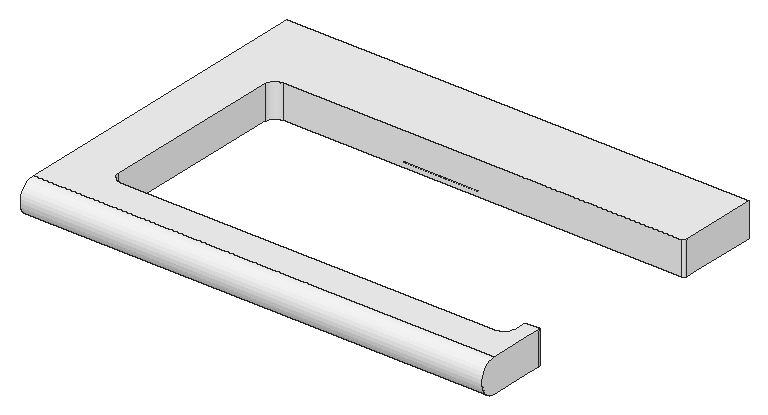
Revit family "Reece_Accessory_Milli_Meld Edit_Toilet Roll Holder", category Plumbing Fixtures, Revit 2018
Family settings
  Round Connector Dimension = Use Diameter
  Part Type = Normal
  Work Plane-Based = Yes
  Always vertical = Yes
  Cut with Voids When Loaded = Yes
  Shared = Yes
  Room Calculation Point = Yes
Parameters (values of type "Chrome")
  URL = "https://www.reece.com.au/product/-2265646"
  Type Comments = "Accessory"
  Reece_Product_Web Page = "https://www.reece.com.au/product/-2265646"
  Reece_Product_Type = "Accessory"  # constant formula
  Reece_Product_Sub Brand = "Meld Edit"  # constant formula
  Reece_Product_Number = "2265646"
  Reece_Product_Mount = "Wall Mounted"
  Reece_Product_Description = "Milli Meld Edit Toilet Roll Holder Chrome"
  Reece_Product_Brand = "Milli"  # constant formula
  Reece_Overall_Width = 138.5 mm  # constant formula
  Reece_Overall_Height = 14 mm  # constant formula
  Reece_Material_Main = Reece_Brass_Chrome
  Reece_Height_From_Level [instance] = 1000 mm
  Reece_Fixing_Point_Width = 30 mm  # constant formula
  Reece_Detail_Shape = ""
  Reece_Detail_Installation = ""
  Reece_Detail_Disclaimer = "THIS FILE IS THE PROPERTY OF THE REECE GROUP. IT MAY NOT BE REPRODUCED, REVERSE-ENGINEERED OR MODIFIED. ANY REPUBLICATION, TRANSMISSION OR DISTRIBUTION FOR THE PURPOSE OF COMMERCIALLY EXPLOITING THE FILES IS PROHIBITED."  # constant formula
  Reece_Detail_Connector = ""
  Reece_Detail_Additional = "Toilet Roll Holder"  # constant formula
  Reece_Accessory_Projection = 100 mm  # constant formula
  Model = "Meld Edit"
  Manufacturer = "Milli"
  Keynote = "Product #2265646, Reece_Accessory_Milli_Meld Edit_Toilet Roll Holder - Chrome"
  Disclaimer = "THIS FILE IS THE PROPERTY OF THE REECE GROUP. IT MAY NOT BE REPRODUCED, REVERSE-ENGINEERED OR MODIFIED. ANY REPUBLICATION, TRANSMISSION OR DISTRIBUTION FOR THE PURPOSE OF COMMERCIALLY EXPLOITING THE FILES IS PROHIBITED."  # constant formula
  Description = "Milli Meld Edit Toilet Roll Holder Chrome"
  Default Elevation = 0 mm
Types (5, lengths in mm): name | URL | Reece_Product_Web Page | Reece_Product_Number | Reece_Product_Description | Reece_Material_Main | Keynote | Description
  Brushed Nickel | "https://www.reece.com.au/product/-2265678" | "https://www.reece.com.au/product/-2265678" | "2265678" | "Milli Meld Edit Toilet Roll Holder Brushed Nickel" | Reece_Brass_Brushed Nickel | "Product #2265678, Reece_Accessory_Milli_Meld Edit_Toilet Roll Holder - Brushed Nickel" | "Milli Meld Edit Toilet Roll Holder Brushed Nickel"
  Chrome | "https://www.reece.com.au/product/-2265646" | "https://www.reece.com.au/product/-2265646" | "2265646" | "Milli Meld Edit Toilet Roll Holder Chrome" | Reece_Brass_Chrome | "Product #2265646, Reece_Accessory_Milli_Meld Edit_Toilet Roll Holder - Chrome" | "Milli Meld Edit Toilet Roll Holder Chrome"
  Matte Black | "https://www.reece.com.au/product/-2265654" | "https://www.reece.com.au/product/-2265654" | "2265654" | "Milli Meld Edit Toilet Roll Holder Matte Black" | Reece_Brass_Matte Black | "Product #2265654, Reece_Accessory_Milli_Meld Edit_Toilet Roll Holder - Matte Black" | "Milli Meld Edit Toilet Roll Holder Matte Black"
  PVD Brushed Gold | "https://www.reece.com.au/product/-2265662" | "https://www.reece.com.au/product/-2265662" | "2265662" | "Milli Meld Edit Toilet Roll Holder Brushed Gold" | Reece_PVD_Brushed Gold | "Product #2265662, Reece_Accessory_Milli_Meld Edit_Toilet Roll Holder - PVD Brushed Gold" | "Milli Meld Edit Toilet Roll Holder Brushed Gold"
  PVD Brushed Gunmetal | "https://www.reece.com.au/product/-2265670" | "https://www.reece.com.au/product/-2265670" | "2265670" | "Milli Meld Edit Toilet Roll Holder Brushed Gunmetal" | Reece_PVD_Brushed Gunmetal | "Product #2265670, Reece_Accessory_Milli_Meld Edit_Toilet Roll Holder - PVD Brushed Gunmetal" | "Milli Meld Edit Toilet Roll Holder Brushed Gunmetal"
Reference planes
  plane 1 "Center (Front/Back)": y = 0
  plane 2 "Bottom Host Plane": z = -5
  plane 3 "Center (Left/Right)": x = 0
  plane 4 "Fixing Point": z = 1000
  plane 5: x = -69.25
  plane 6: x = 69.25
  plane 7: x = -54.218
  plane 8: x = 64.782
  plane 9: y = -23.994
  plane 10: y = -85.039
  plane 11: y = -100
  plane 12: z = 1007
  plane 13: z = 993
Text (mm)
  text "Reece ©" at (2423.497, -2261.902, 3331.414), in view "Reece Preview"
  text "Reece Copyright © 2018, Reece Ltd." at (-366.627, -177.903, 0), in view "Ref. Level"
Dimensions and locks
  locked: plane 2 "Bottom Host Plane" to level at 5
  "Reece_Height_From_Level": plane 4 "Fixing Point" to level
  "Reece_Overall_Width": plane 5 to plane 6
  plane 7 to plane 8 = 119 mm
  plane 11 to plane 1 "Center (Front/Back)" = 100 mm
  plane 10 to plane 9 = 61.045 mm
  "Reece_Overall_Height": plane 12 to plane 13
  plane 6 to plane 5 = 138.5 mm
  plane 5 to plane 6 = 138.5 mm
  plane 12 to plane 13 = 14 mm
  plane 13 to plane 12 = 14 mm
  "Reece_Accessory_Projection": plane 1 "Center (Front/Back)" to plane 11
Nested families
  nested 1: "Reece_Accessory_Milli_Meld Edit_Toilet Roll Holder_Nested" at (0, 0, 0), Reece_Material_Main <- "Reece_Material_Main", type "Chrome_Glass"
    with Reece_Material_Main Reece_Brass_Chrome
Definition of nested family "Reece_Accessory_Milli_Meld Edit_Toilet Roll Holder_Nested"
  Parameters (values of type "Reece_Accessory_Milli_Meld Edit_Toilet Roll Holder_Nested")
    Waste Connection = no
    WFU = 0
    Vent Connection = no
    URL = ""
    Type Comments = ""
    Reece_Material_Main [instance] = none
    Model = ""
    Manufacturer = ""
    Keynote = ""
    HWFU = 0
    HW Connection = no
    Description = ""
    Default Elevation = 0 mm
    Cost = 0
    CWFU = 0
    CW Connection = no
    Assembly Code = ""
  Reference planes
    plane 1 "Center (Front/Back)": y = 0
    plane 2 "Bottom Host Plane": z = -5
    plane 3 "Center (Left/Right)": x = 0
    plane 4: y = -125
  Forms (mm)
    Extrusion 1, solid, material <- "Reece_Material_Main"
      sketch origin (0, 0, 0) x (0, 1, 0) y (0, 0, 1)
        loop
          line (0, 996.979) -> (0, 1007) -> (-94.971, 1007)
          arc (-94.971, 1007) -> (-99.982, 1001.989) -> (-94.971, 996.979) r 5.011
          line (-94.971, 996.979) -> (0, 996.979)
      from -69.25 to 69.25
    Extrusion 2, void
      sketch origin (0, 0, 0) x (1, 0, 0) y (0, 1, 0)
        loop
          line (68.442, -23.994) -> (-51.218, -23.994)
          arc (-51.218, -23.994) -> (-53.34, -24.873) -> (-54.218, -26.994) r 3
          line (-54.218, -26.994) -> (-54.218, -82.039)
          arc (-54.218, -82.039) -> (-53.34, -84.161) -> (-51.218, -85.039) r 3
          line (-51.218, -85.039) -> (61.782, -85.039)
          arc (61.782, -85.039) -> (63.903, -84.161) -> (64.782, -82.039) r 3
          line (64.782, -82.039) -> (64.782, -78.613)
          arc (64.782, -78.613) -> (64.946, -78.216) -> (65.342, -78.052) r 0.56
          line (65.342, -78.052) -> (68.743, -78.052)
          arc (68.743, -78.052) -> (69.102, -78.201) -> (69.25, -78.559) r 0.507
          line (69.25, -78.559) -> (69.25, -81.893) -> (70.483, -81.893) -> (70.483, -20.385) -> (69.25, -20.385) -> (69.25, -23.187)
          arc (69.25, -23.187) -> (69.013, -23.758) -> (68.442, -23.994) r 0.808
      from 996.979 to 1007
    Extrusion 3, void
      sketch origin (0, 0, 0) x (1, 0, 0) y (0, 0, 1)
        loop
          line (25.001, 1005.937) -> (-25.034, 1005.937) -> (-25.034, 993) -> (25.001, 993) -> (25.001, 1005.937)
      from 0 to 19.99
    Extrusion 4, solid, material <- "Reece_Material_Main"
      sketch origin (0, 0, 0) x (1, 0, 0) y (0, 0, 1)
        loop
          arc (23.691, 996.249) -> (23.929, 996.568) -> (24.014, 996.957) r 0.936
          line (24.014, 996.957) -> (24.014, 1004.173)
          arc (24.014, 1004.173) -> (23.864, 1004.534) -> (23.503, 1004.684) r 0.511
          line (23.503, 1004.684) -> (-23.532, 1004.684)
          arc (-23.532, 1004.684) -> (-23.895, 1004.534) -> (-24.046, 1004.17) r 0.514
          line (-24.046, 1004.17) -> (-24.046, 996.953)
          arc (-24.046, 996.953) -> (-23.962, 996.567) -> (-23.726, 996.251) r 0.928
          line (-23.726, 996.251) -> (-20.827, 993.739)
          arc (-20.827, 993.739) -> (-19.904, 993.191) -> (-18.847, 993) r 3.023
          line (-18.847, 993) -> (18.839, 993)
          arc (18.839, 993) -> (19.873, 993.187) -> (20.777, 993.723) r 2.958
          line (20.777, 993.723) -> (23.691, 996.249)
        loop
          arc (22.514, 1002.977) -> (22.361, 1003.344) -> (21.994, 1003.497) r 0.52
          line (21.994, 1003.497) -> (18.682, 1003.497)
          arc (18.682, 1003.497) -> (18.289, 1003.264) -> (18.303, 1002.808) r 0.448
          arc (18.303, 1002.808) -> (18.667, 1002) -> (18.791, 1001.122) r 3.155
          line (18.791, 1001.122) -> (18.791, 999.001)
          arc (18.791, 999.001) -> (15.016, 995.225) -> (11.24, 999.001) r 3.775
          line (11.24, 999.001) -> (11.24, 1001.169)
          arc (11.24, 1001.169) -> (11.346, 1002.008) -> (11.656, 1002.796) r 3.392
          arc (11.656, 1002.796) -> (11.648, 1003.264) -> (11.24, 1003.497) r 0.474
          line (11.24, 1003.497) -> (3.069, 1003.497) -> (-11.006, 1003.497)
          arc (-11.006, 1003.497) -> (-11.413, 1003.264) -> (-11.422, 1002.796) r 0.474
          arc (-11.422, 1002.796) -> (-10.501, 998.638) -> (-14.025, 996.246) r 3.792
          line (-14.025, 996.246) -> (-16.001, 996.246)
          arc (-16.001, 996.246) -> (-19.533, 998.641) -> (-18.615, 1002.808) r 3.802
          arc (-18.615, 1002.808) -> (-18.601, 1003.264) -> (-18.994, 1003.497) r 0.448
          line (-18.994, 1003.497) -> (-21.996, 1003.497)
          arc (-21.996, 1003.497) -> (-22.385, 1003.335) -> (-22.546, 1002.947) r 0.55
          line (-22.546, 1002.947) -> (-22.546, 997.214) -> (-19.845, 994.872)
          arc (-19.845, 994.872) -> (-19.379, 994.596) -> (-18.847, 994.5) r 1.523
          line (-18.847, 994.5) -> (18.839, 994.5)
          arc (18.839, 994.5) -> (19.349, 994.592) -> (19.794, 994.856) r 1.458
          line (19.794, 994.856) -> (22.514, 997.214) -> (22.514, 1002.977)
        loop
          arc (-16.061, 1002.244) -> (-18.284, 1000.021) -> (-16.061, 997.798) r 2.223
          line (-16.061, 997.798) -> (-13.963, 997.798)
          arc (-13.963, 997.798) -> (-11.74, 1000.021) -> (-13.963, 1002.244) r 2.223
          line (-13.963, 1002.244) -> (-16.061, 1002.244)
        loop
          arc (17.239, 1000.999) -> (14.98, 1003.257) -> (12.722, 1000.999) r 2.258
          line (12.722, 1000.999) -> (12.722, 999.045)
          arc (12.722, 999.045) -> (14.98, 996.787) -> (17.239, 999.045) r 2.258
          line (17.239, 999.045) -> (17.239, 1000.999)
      from 0 to 19.99
    Extrusion 5, void
      sketch origin (0, 0, 0) x (0, 1, 0) y (0, 0, 1)
        loop
          line (-20.915, 996.837) -> (-20.915, 993) -> (-15.705, 993)
          arc (-15.705, 993) -> (-16.44, 993.133) -> (-17.082, 993.514) r 2.102
          line (-17.082, 993.514) -> (-20.915, 996.837)
      from -25.96 to 27.888
    Extrusion 6, solid, material <- "Reece_Material_Main"
      sketch origin (0, -19.99, 0) x (1, 0, 0) y (0, 0, 1)
        loop
          arc (18.839, 994.5) -> (19.349, 994.592) -> (19.794, 994.856) r 1.458
          line (19.794, 994.856) -> (22.514, 997.214) -> (22.514, 1002.977)
          arc (22.514, 1002.977) -> (22.361, 1003.344) -> (21.994, 1003.497) r 0.52
          line (21.994, 1003.497) -> (-21.996, 1003.497)
          arc (-21.996, 1003.497) -> (-22.385, 1003.335) -> (-22.546, 1002.947) r 0.55
          line (-22.546, 1002.947) -> (-22.546, 997.214) -> (-19.845, 994.872)
          arc (-19.845, 994.872) -> (-19.379, 994.596) -> (-18.847, 994.5) r 1.523
          line (-18.847, 994.5) -> (18.839, 994.5)
      from -19.246 to 0
  Cuts and joins
    Extrusion 2, Extrusion 3 cuts Extrusion 1
    Extrusion 5 cuts Extrusion 4
    Extrusion 5 cuts Extrusion 6
    joined: Extrusion 4, Extrusion 6
  Text (mm)
    text "Reece ©" at (2400.249, -2284.914, 3331.65), in view "Reece Preview"
    text "Reece ©" at (98.01, -154.108, -1020.679), in view "Ref. Level"
  Dimensions and locks
    locked: Extrusion 1 sketch curve to Extrusion 1 sketch curve at 10.021
